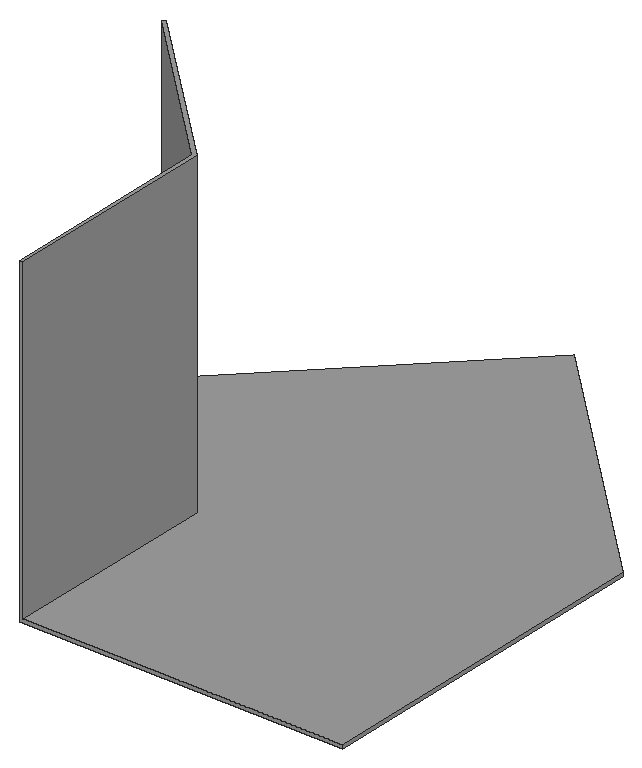
Revit family "Flashing_Preformed_Hyload_Outside135", category Generic Models, Revit 2015
Parameters (values of type "As Specified")
  Unit Width = 0' - 10"
  Unit Height = 0' - 6"
  Unit Depth = 0' - 6"
  URL = "http://www.hyload.com/"
  Thickness = 0' - 0 1/16"
  Specification = "http://www.arcat.com/sdspecs/htm04/07_65_00hyl.htm"
  Sales Information = "http://www.hyload.com/contact-us"
  Revision = "R1_12-2015"
  Product Properties = "http://www.hyload.com/masonry-flashing/preformed-shapes/"
  Product Data = "http://www.arcat.com/arcatcos/cos33/arc33176.html"
  Model = "Outside Corner (135)"
  Manufacturer Website = "http://www.hyload.com/"
  Manufacturer Phone - Toll Free = "800-457-4056"
  Manufacturer Phone = "330-769-3546"
  Manufacturer Fax = "330-769-4153"
  Manufacturer Address = "5020 Panther Pkwy., Seville, OH 44273"
  Manufacturer = "Hyload"
  Keynote = "07 65 00"
  Flashing Material = Hyload Flashing Membrane - Grey
  Drawn By = "Robert S. Weygant / Sumex Design"
  Description = "Preformed Hyload Masonry Flashing - Outside Corner (135)"
  Copyright = "(c) ARCAT, Inc, 2015"
  Construction Details = "http://www.arcat.com/details/hyload/hyload.html?coid=33176"
  Assembly Code = "B3010400"
Reference planes (in)
  plane 1 "Center (Front/Back)": y = 0
  plane 2: z = 0
  plane 3 "Center (Left/Right)": x = 0
  plane 4: z = 6
  plane 5: y = -4
  plane 6: through (1.41421, 7.07107, 48) normal (0.7071, -0.7071, 0)
Forms (in)
  Sweep 1, solid, material "Hyload Flashing Membrane - Grey" <- "Flashing Material"
    path origin (0, 0, 0) x (1, 0, 0) y (0, 1, 0)
      loop
        line (0, -4) -> (0, 0) -> (-2.82843, 2.82843)
    profile origin (0, -2, 0) x (-1, 0, 0) y (0, 0, 1)
      loop
        line (0, 0) -> (0, 6) -> (-0.0625, 6) -> (-0.0625, 0.0625) -> (-6, 0.0625) -> (-6, 0) -> (0, 0)
Dimensions and locks (in)
  "Thickness": Sweep 1 sketch curve to plane 3 "Center (Left/Right)"
  "Thickness": Sweep 1 sketch curve to level
  "Unit Height": plane 4 to level
  locked: Sweep 1 sketch curve to plane 6 at 4
  locked: plane 5 to plane 6 (angle 45.00°)
  aligned and locked: plane 2 to level
  aligned and locked: plane 3 "Center (Left/Right)" to Sweep 1 sketch curve
  aligned and locked: Sweep 1 sketch curve to level
  aligned and locked: plane 4 to Sweep 1 sketch curve
  aligned and locked: plane 5 to Sweep 1 sketch curve
  aligned and locked: plane 6 to Sweep 1 sketch curve
Automatic sketch dimensions
  Sweep 1 sketch curve to profile plane = 0' - 0"
  Sweep 1 sketch curve to Sweep 1 sketch curve = 0' - 5 15/16"
  Sweep 1 sketch curve to plane 1 "Center (Front/Back)" = 0' - 2.82843"
